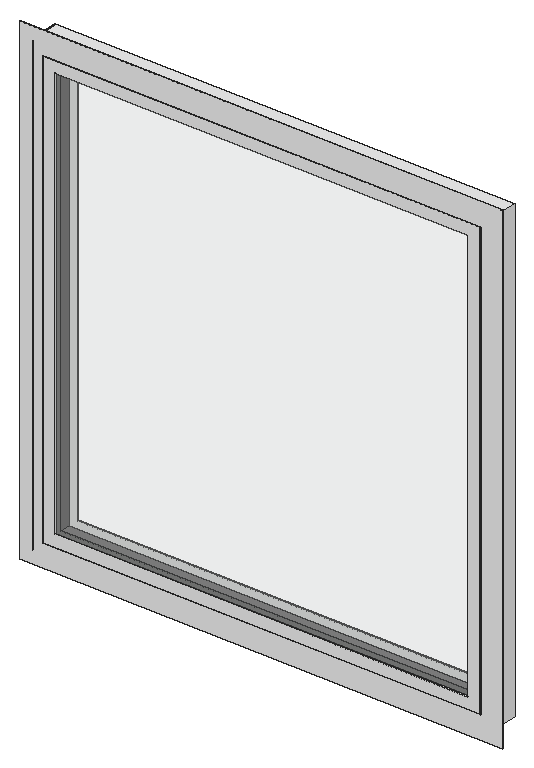
Revit family "Casement_36_C_Top_Hung_Standard", category Windows, host Wall, Revit 2014
Parameters (values of type "Casement_Sash_DG")
  Width Sash [instance] = 30 mm
  Width Sash Inner = 15 mm
  Width Bead = 15 mm
  Top Hung [instance] = yes
  Side Hung Right [instance] = yes
  Side Hung Left [instance] = yes
  Sash Opening Width [instance] = 600 mm
  Sash Opening Height [instance] = 600.312 mm
  Sash Lip = 15 mm
  Glazing Material [instance] = Glass
  DG Start Piece 2 [instance] = DG End Piece 1 + DG Gasket Thickness  # 25 mm
  DG Start Peice 1 [instance] = (Depth Sash - (2 * DG Glazing Thickness) - DG Gasket Thickness) / 2  # 6.6 mm
  Glazing Offset = 5 mm
  DG Glazing Thickness [instance] = 6.4 mm
  DG Gasket Thickness = 12 mm  # constant formula
  DG Gasket Material [instance] = Double Glazing Gasket Material
  DG End Piece 2 [instance] = DG Start Piece 2 + DG Glazing Thickness  # 31.4 mm
  DG End Piece 1 [instance] = DG Start Peice 1 + DG Glazing Thickness  # 13 mm
  Depth Sash [instance] = 38 mm
  Center Vertical Sash [instance] = Sash Opening Height / 2  # 300.156 mm
  Center Horizontal Sash [instance] = Sash Opening Width / 2  # 300 mm
  Bottom Hung [instance] = yes
  Bead Offset = 15 mm
  Aluminium Thickness = 1 mm
  Aluminium Material [instance] = White Powder Coated Aluminium
Reference planes
  plane 1 "Center (Front/Back)": y = 0
  plane 2: z = 0
  plane 3 "Center (Left/Right)": x = 0
Forms (mm)
  Sweep 1, solid, material "White Powder Coated Aluminium" <- "Aluminium Material"
    path origin (16.177, 0, 121.331) x (1, 0, 0) y (0, 0, 1)
      loop
        line (0, 0) -> (600, 0) -> (600, 600.312) -> (0, 600.312) -> (0, 0)
    profile origin (316.177, 0, 121.331) x (0, 0, 1) y (0, -1, 0)
      loop
        line (0, 0) -> (30, 0) -> (30, 1) -> (15, 1) -> (15, 38) -> (-15, 38) -> (-15, 37) -> (0, 37) -> (0, 0)
      loop
        line (14, 1) -> (14, 37) -> (1, 37) -> (1, 1) -> (14, 1)
  Sweep 2, solid, material "White Powder Coated Aluminium" <- "Aluminium Material"
    path origin (0, 0, 0) x (1, 0, 0) y (0, 0, 1)
      loop
        line (31.177, 706.643) -> (31.177, 136.331) -> (601.177, 136.331) -> (601.177, 706.643) -> (31.177, 706.643)
    profile origin (316.177, 0, 706.643) x (0, 0, 1) y (0, -1, 0)
      loop
        line (0, 37) -> (0, 38) -> (-15, 38) -> (-15, 37) -> (0, 37)
  Extrusion 3, solid, material "Glass" <- "Glazing Material"
    sketch origin (0, 0, 0) x (1, 0, 0) y (0, 0, 1)
      loop
        line (36.177, 701.643) -> (36.177, 141.331) -> (596.177, 141.331) -> (596.177, 701.643) -> (36.177, 701.643)
    from 6.6 <- "DG Start Peice 1" to 13 <- "DG End Piece 1"
  Extrusion 4, solid, material "Glass" <- "Glazing Material"
    sketch origin (0, 0, 0) x (1, 0, 0) y (0, 0, 1)
      loop
        line (36.177, 701.643) -> (36.177, 141.331) -> (596.177, 141.331) -> (596.177, 701.643) -> (36.177, 701.643)
    from 31.4 <- "DG End Piece 2" to 25 <- "DG Start Piece 2"
  Sweep 5, solid, material "Double Glazing Gasket Material" <- "DG Gasket Material"
    path origin (0, -13, 0) x (1, 0, 0) y (0, 0, 1)
      loop
        line (36.177, 701.643) -> (36.177, 141.331) -> (596.177, 141.331) -> (596.177, 701.643) -> (36.177, 701.643)
    profile origin (316.177, -13, 701.643) x (0, 0, 1) y (0, -1, 0)
      loop
        line (0, 0) -> (0, 12) -> (-7.96, 12) -> (-7.96, 0) -> (0, 0)
Lines and regions (mm)
  model lines
    curve 1: line (1.177, -38, 736.643) -> (31.177, -38, 706.643)
    curve 2: line (601.177, -38, 706.643) -> (631.177, -38, 736.643)
    curve 3: line (601.177, -38, 136.331) -> (631.177, -38, 106.331)
    curve 4: line (1.177, -38, 106.331) -> (31.177, -38, 136.331)
    curve 5: line (631.177, -37, 736.643) -> (616.177, -37, 721.643)
    curve 6: line (1.177, -37, 736.643) -> (16.177, -37, 721.643)
    curve 7: line (1.177, -37, 106.331) -> (16.177, -37, 121.331)
    curve 8: line (631.177, -37, 106.331) -> (616.177, -37, 121.331)
    curve 9: line (616.177, 0, 121.331) -> (586.177, 0, 151.331)
    curve 10: line (46.177, 0, 151.331) -> (16.177, 0, 121.331)
    curve 11: line (616.177, 0, 721.643) -> (586.177, 0, 691.643)
    curve 12: line (46.177, 0, 691.643) -> (16.177, 0, 721.643)
    curve 13: line (31.177, -38, 691.643) -> (46.177, -38, 691.643)
    curve 14: line (586.177, -38, 691.643) -> (601.177, -38, 691.643)
    curve 15: line (586.177, -38, 151.331) -> (601.177, -38, 151.331)
    curve 16: line (31.177, -38, 151.331) -> (46.177, -38, 151.331)
  model lines, style "GenericModelHiddenLines", visible <- "Top Hung"
    curve 17: line (46.386, -31.4, 690.914) -> (316.177, -31.4, 151.331)
    curve 18: line (316.177, -31.4, 151.331) -> (586.177, -31.4, 691.331)
  model lines, style "GenericModelHiddenLines", visible <- "Bottom Hung"
    curve 19: line (46.177, -31.4, 151.331) -> (316.177, -31.4, 691.331)
    curve 20: line (316.177, -31.4, 691.331) -> (586.177, -31.4, 151.331)
  model lines, style "GenericModelHiddenLines", visible <- "Side Hung Left"
    curve 21: line (46.386, -31.4, 690.914) -> (585.24, -31.4, 421.487)
    curve 22: line (585.24, -31.4, 421.487) -> (46.177, -31.4, 151.331)
  model lines, style "GenericModelHiddenLines", visible <- "Side Hung Right"
    curve 23: line (586.177, -31.4, 691.331) -> (46.177, -31.4, 421.487)
    curve 24: line (46.177, -31.4, 421.487) -> (586.177, -31.4, 151.331)
Dimensions and locks
  "Aluminium Thickness": Sweep 1 sketch curve to Sweep 1 sketch curve  (x4)
  "Depth Sash": Sweep 1 sketch curve to Sweep 1 sketch curve
  "Sash Opening Width": Sweep 1 to Sweep 1
  "Sash Opening Height": Sweep 1 to Sweep 1
  "Width Sash": Sweep 1 sketch curve to Sweep 1 sketch curve  (x2)
  "Width Sash Inner": Sweep 1 sketch curve to Sweep 1 sketch curve
  "Sash Lip": Sweep 1 sketch curve to Sweep 1 sketch curve
  "Aluminium Thickness": Sweep 1 to Sweep 2 sketch curve
  "Glazing Offset": Sweep 2 to Extrusion 3 sketch curve  (x3)
  "Glazing Offset": Extrusion 3 sketch curve to Sweep 2
  Sweep 1 to Sweep 1 = 1 mm
  "Aluminium Thickness": Sweep 2 sketch curve to Sweep 2 sketch curve
  "Width Bead": Sweep 2 sketch curve to Sweep 2 sketch curve
  locked: Sweep 5 sketch curve to Sweep 5 sketch curve at 7.96
  "Center Horizontal Sash": Sweep 1 to curve 18
  "Center Horizontal Sash": Sweep 1 to curve 20
  "Center Vertical Sash": Sweep 1 to curve 22
  "Center Vertical Sash": Sweep 1 to curve 24
  aligned and locked: level to plane 2
  aligned and locked: Sweep 1 sketch curve to Sweep 1 sketch curve  (x2)
  aligned and locked: Sweep 2 sketch curve to Sweep 1  (x5)
  aligned and locked: Extrusion 4 sketch curve to Extrusion 3  (x4)
  aligned and locked: Sweep 5 sketch curve to Extrusion 3  (x5)
  aligned and locked: Extrusion 3 to Sweep 5 sketch curve
Automatic sketch dimensions
  plane 3 "Center (Left/Right)" to Sweep 1 sketch curve = 16.177 mm
  level to Sweep 1 sketch curve = 121.331 mm
  plane 3 "Center (Left/Right)" to Sweep 1 sketch curve = 616.177 mm
  level to Sweep 1 sketch curve = 721.643 mm
  profile plane to Sweep 5 sketch curve = 12 mm
  curve 7 to Sweep 1 = 0 mm  (x4)
  curve 6 to Sweep 1 = 0 mm  (x3)
  Sweep 1 to curve 6 = 0 mm
  curve 5 to Sweep 1 = 0 mm  (x3)
  curve 8 to Sweep 1 = 0 mm  (x4)
  Sweep 1 to curve 5 = 0 mm
  curve 16 to Sweep 2 = 0 mm  (x3)
  curve 13 to Sweep 2 = 0 mm  (x3)
  curve 15 to Sweep 2 = 0 mm
  Sweep 2 to curve 15 = 0 mm  (x2)
  curve 14 to Sweep 2 = 0 mm  (x2)
  Sweep 2 to curve 14 = 0 mm
  curve 1 to Sweep 1 = 0 mm  (x4)
  curve 4 to Sweep 1 = 0 mm  (x3)
  Sweep 1 to curve 4 = 0 mm
  curve 3 to Sweep 1 = 0 mm  (x3)
  curve 2 to Sweep 1 = 0 mm  (x4)
  Sweep 1 to curve 3 = 0 mm
  curve 10 to Sweep 1 = 0 mm  (x4)
  curve 12 to Sweep 1 = 0 mm  (x3)
  Sweep 1 to curve 12 = 0 mm
  curve 9 to Sweep 1 = 0 mm  (x4)
  curve 11 to Sweep 1 = 0 mm  (x3)
  Sweep 1 to curve 11 = 0 mm
  Sweep 1 sketch curve to plane 1 "Center (Front/Back)" = 0 mm
  profile plane to Sweep 1 sketch curve = 0 mm
  curve 21 to Extrusion 4 = 10.208 mm
  curve 19 to Extrusion 4 = 10 mm
  curve 23 to Extrusion 4 = 10 mm  (x2)
  curve 22 to Extrusion 4 = 10.937 mm
  curve 20 to Extrusion 4 = 10 mm
  curve 24 to Extrusion 4 = 10 mm
  curve 22 to Extrusion 4 = 10 mm
  curve 18 to Extrusion 4 = 10 mm
  curve 21 to Extrusion 4 = 10.729 mm
  curve 19 to Extrusion 4 = 10.312 mm
  curve 18 to Extrusion 4 = 10.312 mm
Types in the file's own list only (6): name | Windload Design | Width Sash Right Opening | Width Sash Right | Width Sash Left Opening | Width Sash Left | Width Profile | Width Fixed Panel Center | Width | URL | Offset Window Exterior | Offset Mullion Right Side | Max System DG Unit Thickness | Max System DG One Piece Thickness | Max Pane Area | Limit Fixed Pane Width Max | Intruderprufe U Value | Intruderprufe SHGC Value | Intruderprufe LowE U Value | Intruderprufe LowE SHGC Value | Intruderprufe Insulated U Value | Intruderprufe Insulated SHGC Value | Intruderprufe Insulated LowE U Value | Intruderprufe Insulated LowE SHGC Value | Height Sash Opening | Height | Energy Advantage U Value | Energy Advantage SHGC Value | DG Thickness Calc | Custom Window Width | Custom Window Height | Window Exterior Offset | Custom Windload | Custom Sash Right Width | Custom Sash Left Width | Sash Height | Sash Spacing Inner | Sash Overlap | Sash Center Offset | SG Gasket Thickness | Offset Sash Side | Offset Sash Top | Offset Fixed Panel Left | Offset Mullion Left Side | Offset Bead Center Reversed | Model | Manufacturer | Limit Window Width Min | Limit Window Width Max | Limit Window Height Min | Limit Window Height Max | Limit Sash Width Min | Limit Sash Width Max | Limit Sash Height Min | Limit Sash Height Max | Limit Fixed Pane Width Min | Length Mullion | Height Sash | Height Fixed Panel Center | Description | Depth Mullion | Frame Center Offset | Depth Bead | Default Sill Height | Wall Closure | DG Gasket Finish | DG Extrusion Start | Mullion Depth Windload Based | Clearvue U Value | Clearvue SHGC Value | Clearvue Insulated U Value | Clearvue Insulated SHGC Value | Clearvue Insulated LowE U Value | Clearvue Insulated LowE SHGC Value | Casement Dimension | Bottom Hung | Bead SG Gap | Area Pane Right | Area Pane Middle | Area Pane Left
  36-1806TT-1000Pa | 1000 mm | 524 mm | 554 mm | 524 mm | 554 mm | 30 mm | 590 mm | 1790 mm | "http://www.crealco.co.za/crealco-products.php" | 18 mm | 570 mm | 25 mm | 6 mm | 0.30 m² | 1500 mm | 6.1 | 0.528 | 4.82 | 0.468 | 4.22 | 0.446 | 3.8 | 0.411 | 544 mm | 590 mm | 4.94 | 0.497 | 4 mm | 1790 mm | 590 mm | 0 mm | 1000 mm | 554 mm | 554 mm | 545 mm | 8 mm | 7 mm | 15 mm | 6 mm | 23 mm | 23 mm | 600 mm | 570 mm | 18 mm | "Casement 36" | "Crealco" | 1400 mm | 2700 mm | 346 mm | 946 mm | 300 mm | 1200 mm | 300 mm | 900 mm | 200 mm | 590 mm | 514 mm | 530 mm | "Window 36mm, Type C top hung" | 37 mm | 18 mm | 22 mm | 800 mm | By host | Double Glazing Gasket Material | 8 mm | 37 mm | 6.23 | 0.554 | 4.34 | 0.488 | 3.88 | 0.445 | 36 mm | No | 13 mm | 0.22 m² | 0.30 m² | 0.22 m²
  36-2406TT-1000Pa | 1000 mm | 524 mm | 554 mm | 524 mm | 554 mm | 30 mm | 1190 mm | 2390 mm | "http://www.crealco.co.za/crealco-products.php" | 18 mm | 570 mm | 25 mm | 6 mm | 0.61 m² | 1500 mm | 6.04 | 0.565 | 4.66 | 0.499 | 4.02 | 0.477 | 3.54 | 0.438 | 544 mm | 590 mm | 4.77 | 0.531 | 4 mm | 2390 mm | 590 mm | 0 mm | 1000 mm | 554 mm | 554 mm | 545 mm | 8 mm | 7 mm | 15 mm | 6 mm | 23 mm | 23 mm | 600 mm | 570 mm | 18 mm | "Casement 36" | "Crealco" | 1400 mm | 2700 mm | 346 mm | 946 mm | 300 mm | 1200 mm | 300 mm | 900 mm | 200 mm | 590 mm | 514 mm | 530 mm | "Window 36mm, Type C top hung" | 37 mm | 18 mm | 22 mm | 800 mm | By host | Double Glazing Gasket Material | 8 mm | 37 mm | 6.18 | 0.592 | 4.12 | 0.522 | 3.62 | 0.476 | 36 mm | No | 13 mm | 0.22 m² | 0.61 m² | 0.22 m²
  36-1806TT-1500Pa | 1500 mm | 524 mm | 554 mm | 524 mm | 554 mm | 30 mm | 590 mm | 1790 mm | "http://www.crealco.co.za/crealco-products.php" | 18 mm | 570 mm | 25 mm | 6 mm | 0.30 m² | 1500 mm | 6.1 | 0.528 | 4.82 | 0.468 | 4.22 | 0.446 | 3.8 | 0.411 | 544 mm | 590 mm | 4.94 | 0.497 | 4 mm | 1790 mm | 590 mm | 0 mm | 1500 mm | 554 mm | 554 mm | 545 mm | 8 mm | 7 mm | 15 mm | 6 mm | 23 mm | 23 mm | 600 mm | 570 mm | 18 mm | "Casement 36" | "Crealco" | 1400 mm | 2700 mm | 346 mm | 946 mm | 300 mm | 1200 mm | 300 mm | 900 mm | 200 mm | 590 mm | 514 mm | 530 mm | "Window 36mm, Type C top hung" | 37 mm | 18 mm | 22 mm | 800 mm | By host | Double Glazing Gasket Material | 8 mm | 37 mm | 6.23 | 0.554 | 4.34 | 0.488 | 3.88 | 0.445 | 36 mm | No | 13 mm | 0.22 m² | 0.30 m² | 0.22 m²
  36-1806TT-2000Pa | 2000 mm | 524 mm | 554 mm | 524 mm | 554 mm | 30 mm | 590 mm | 1790 mm | "http://www.crealco.co.za/crealco-products.php" | 18 mm | 570 mm | 25 mm | 6 mm | 0.30 m² | 1500 mm | 6.1 | 0.528 | 4.82 | 0.468 | 4.22 | 0.446 | 3.8 | 0.411 | 544 mm | 590 mm | 4.94 | 0.497 | 4 mm | 1790 mm | 590 mm | 0 mm | 2000 mm | 554 mm | 554 mm | 545 mm | 8 mm | 7 mm | 15 mm | 6 mm | 23 mm | 23 mm | 600 mm | 570 mm | 18 mm | "Casement 36" | "Crealco" | 1400 mm | 2700 mm | 346 mm | 946 mm | 300 mm | 1200 mm | 300 mm | 900 mm | 200 mm | 590 mm | 514 mm | 530 mm | "Window 36mm, Type C top hung" | 37 mm | 18 mm | 22 mm | 800 mm | By host | Double Glazing Gasket Material | 8 mm | 37 mm | 6.23 | 0.554 | 4.34 | 0.488 | 3.88 | 0.445 | 36 mm | No | 13 mm | 0.22 m² | 0.30 m² | 0.22 m²
  36-2406TT-1500Pa | 1500 mm | 524 mm | 554 mm | 524 mm | 554 mm | 30 mm | 1190 mm | 2390 mm | "http://www.crealco.co.za/crealco-products.php" | 18 mm | 570 mm | 25 mm | 6 mm | 0.61 m² | 1500 mm | 6.04 | 0.565 | 4.66 | 0.499 | 4.02 | 0.477 | 3.54 | 0.438 | 544 mm | 590 mm | 4.77 | 0.531 | 4 mm | 2390 mm | 590 mm | 0 mm | 1500 mm | 554 mm | 554 mm | 545 mm | 8 mm | 7 mm | 15 mm | 6 mm | 23 mm | 23 mm | 600 mm | 570 mm | 18 mm | "Casement 36" | "Crealco" | 1400 mm | 2700 mm | 346 mm | 946 mm | 300 mm | 1200 mm | 300 mm | 900 mm | 200 mm | 590 mm | 514 mm | 530 mm | "Window 36mm, Type C top hung" | 37 mm | 18 mm | 22 mm | 800 mm | By host | Double Glazing Gasket Material | 8 mm | 37 mm | 6.18 | 0.592 | 4.12 | 0.522 | 3.62 | 0.476 | 36 mm | No | 13 mm | 0.22 m² | 0.61 m² | 0.22 m²
  36-2406TT-2000Pa | 2000 mm | 524 mm | 554 mm | 524 mm | 554 mm | 30 mm | 1190 mm | 2390 mm | "http://www.crealco.co.za/crealco-products.php" | 18 mm | 570 mm | 25 mm | 6 mm | 0.61 m² | 1500 mm | 6.04 | 0.565 | 4.66 | 0.499 | 4.02 | 0.477 | 3.54 | 0.438 | 544 mm | 590 mm | 4.77 | 0.531 | 4 mm | 2390 mm | 590 mm | 0 mm | 2000 mm | 554 mm | 554 mm | 545 mm | 8 mm | 7 mm | 15 mm | 6 mm | 23 mm | 23 mm | 600 mm | 570 mm | 18 mm | "Casement 36" | "Crealco" | 1400 mm | 2700 mm | 346 mm | 946 mm | 300 mm | 1200 mm | 300 mm | 900 mm | 200 mm | 590 mm | 514 mm | 530 mm | "Window 36mm, Type C top hung" | 37 mm | 18 mm | 22 mm | 800 mm | By host | Double Glazing Gasket Material | 8 mm | 37 mm | 6.18 | 0.592 | 4.12 | 0.522 | 3.62 | 0.476 | 36 mm | No | 13 mm | 0.22 m² | 0.61 m² | 0.22 m²
